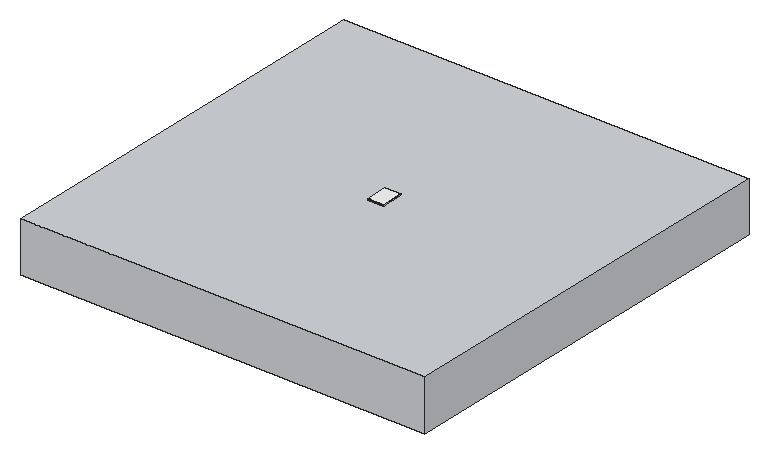
Revit family "Bticino_Hotel_UX_TOUCH_Door_Unit", category Equipement électrique, Revit 2020
Family settings
  Hôte = Face
  Configuration du panneau = Deux colonnes, circuits au sein
  Cote de connecteur circulaire = Utiliser le diamètre
  Type d'élément = Tableau de raccordement
  Couper avec des vides une fois chargée = Non
  Partagée = Non
  Point de calcul de pièce = Non
Parameters
  Web configurator = "https://uxforupscalehotel.legrand.com"
  With room temperature controller = no
  With LED indication = yes
  URL = "http://www.legrandoc.com/FL4651W"
  Type of surface = "Brilliant"
  Supply frequency MIN-MAX ( Hz) = "0-0"
  Storage temperature MIN-MAX (°C) = "-20-70"
  Standby consuption (mA) = 12
  Programming way = "Computer"
  Programmable = yes
  Overall width = 129 mm
  Overall height = 93 mm
  Overall depth = 42 mm
  Other bus systems = "Other"
  Operating / setting temperature MIN-MAX (°C) = "0-40"
  Number of buttons = 2
  Mounting method = "Flush mounted (plaster)"
  Mounting bracket Ref 048779 [instance] = yes
  Model = "FL4651W"
  Material = LEGRAND - White plastic
  built-in parameter 1140140 [instance] = 1 (stored number, unit not read)
  General Conditions of Use = "https://export.legrand.com/en/terms-of-use-BIM-objects"
  Flush mount accessory Ref 048788 [instance] = not(Mounting bracket Ref 048779)  # no
  Fabricant = "Legrand"
  Elévation par défaut = 1300 mm
  Description = "External reader SCS"
  Degree of protection (IP) = "IP20"
  Degree of impact strength (IK) = "IK02"
  built-in parameter 1140142 [instance] = -1
  Command = Lecteur externe SCS : Lecteur externe SCS
  Colour = "White"
  Built-in depth = 30 mm
  built-in parameter 1155100 [instance] = -1
  Addressable = yes
Types (5, lengths in mm): name | URL | Standby consuption (mA) | Model | Material | Description | Command | Colour
  (no name) | "http://www.legrandoc.com/FL4651W" | 12 | "FL4651W" | LEGRAND - White plastic | "External reader SCS" | Lecteur externe SCS : Lecteur externe SCS | "White"
  Corridor Reader Black | "http://www.legrandoc.com/FL4651" | 12 | "FL4651" | LEGRAND - Black plastic | "External reader SCS" | Lecteur externe SCS : Lecteur externe SCS | "Black"
  Corridor Indicator Black | "http://www.legrandoc.com/FL4650" | 8 | "FL4650" | LEGRAND - Black plastic | "external indicator SCS" | Indicateur externe SCS : Indicateur externe SCS | "Black"
  Corridor Reader white | "http://www.legrandoc.com/FL4651W" | 12 | "FL4651W" | LEGRAND - White plastic | "External reader SCS" | Lecteur externe SCS : Lecteur externe SCS | "White"
  Corridor Indicator white | "http://www.legrandoc.com/FL4650W" | 12 | "FL4650W" | LEGRAND - White plastic | "External reader SCS" | Indicateur externe SCS : Indicateur externe SCS | "White"
Reference planes
  plane 1 "Centre (avant/arrière)": y = 0
  plane 2: z = 0
  plane 3 "Centre (gauche/droite)": x = 0
Forms (mm)
  Extrusion 1, solid
    sketch origin (0, 0, 0) x (1, 0, 0) y (0, 1, 0)
      loop
        line (-1219.2, 1219.2) -> (-1219.2, -1219.2) -> (1219.2, -1219.2) -> (1219.2, 1219.2) -> (-1219.2, 1219.2)
    from 0 to -304.8
Dimensions and locks
  aligned and locked: plane 2 to Extrusion 1
  aligned and locked: level to Extrusion 1
Nested families
  nested 1: "TOUCH-Unite de couloir" at (0, 0, 0), type "TOUCH-Unite de couloir"
  nested 2: "Lecteur externe SCS" at (0, 0, 0), type <- "Command", type "Lecteur externe SCS"
Connectors
  electrical at (0, 0, 0)
    settings: on nested 1, index 1, voltage 0 V, apparent load 0 VA, apparent load phase1 0 VA, apparent load phase2 0 VA, apparent load phase3 0 VA, power factor 1, load classification "Autre", number of poles 1, system type 31, power factor state 1, is connector primary yes, connector utility no, sub classification motor no, connector description ""
Definition of nested family "TOUCH-Unite de couloir"
  Parameters (values of type "TOUCH-Unite de couloir")
    Matériau = none
    Default Elevation = 0 mm
  Reference planes
    plane 1 "Centre (avant/arrière)": y = 0
    plane 2: z = 0
    plane 3 "Centre (gauche/droite)": x = 0
    plane 4: z = -5.9
    plane 5: z = -30.9
    plane 6: x = 46.5
    plane 7: x = -46.5
    plane 8: z = 11.5
    plane 9: y = 64.5
    plane 10: y = -64.5
  Forms (mm)
    Extrusion 1, solid, material <- "Matériau"
      sketch origin (0, 0, 0) x (0, -1, 0) y (1, 0, 0)
        loop
          line (-26.5, 26.5) -> (-26.5, -26.5) -> (26.5, -26.5) -> (26.5, 26.5) -> (-26.5, 26.5)
      from -5.9 to 0
    Extrusion 2, solid, material <- "Matériau"
      sketch origin (0, 0, 0) x (0, -1, 0) y (1, 0, 0)
        loop
          line (-16.5, 16.5) -> (-16.5, -16.5) -> (16.5, -16.5) -> (16.5, 16.5) -> (-16.5, 16.5)
      from -30.9 to -5.9
    Extrusion 3, solid, material <- "Matériau"
      sketch origin (0, 0, 0) x (0, -1, 0) y (1, 0, 0)
        loop
          line (-64.5, 46.5) -> (-64.5, -46.5) -> (64.5, -46.5) -> (64.5, 46.5) -> (-64.5, 46.5)
      from 0 to 11.5
    Sweep 4, void
      path origin (0, 0, 0) x (0, -1, 0) y (1, 0, 0)
        loop
          line (-64.5, 46.5) -> (-64.5, -46.5) -> (64.5, -46.5) -> (64.5, 46.5) -> (-64.5, 46.5)
      profile origin (46.5, 0, 0) x (1, 0, 0) y (0, 0, 1)
        loop
          arc (0, 11.5) -> (-1.004, 5.704) -> (-4.308, 0.837) r 13.947
          arc (-4.308, 0.837) -> (-5.255, 0.224) -> (-6.36, 0) r 3.03
          line (-6.36, 0) -> (-6.36, -5) -> (1.64, -5) -> (1.64, 11.5) -> (0, 11.5)
  Cuts and joins
    joined: Extrusion 1, Extrusion 2
    Sweep 4 cuts Extrusion 3
  Dimensions and locks
    plane 7 to plane 6 = 93 mm  (x2)
    plane 5 to plane 4 to plane 2 = 25 mm, 5.9 mm
    plane 2 to plane 8 = 11.5 mm
    plane 8 to plane 2 = 11.5 mm
    plane 10 to plane 9 = 129 mm  (x2)
    plane 5 to plane 8 = 42.4 mm
    aligned and locked: level to plane 2
Definition of nested family "Lecteur externe SCS"
  Parameters (values of type "Lecteur externe SCS")
    Matériau = none
    built-in parameter 1140140 [instance] = 1 (stored number, unit not read)
    Default Elevation = 0 mm
    built-in parameter 1140142 [instance] = -1
    built-in parameter 1155100 [instance] = -1
  Reference planes
    plane 1 "Centre (avant/arrière)": y = 0
    plane 2: z = 0
    plane 3 "Centre (gauche/droite)": x = 0
    plane 4: z = 11.5
    plane 5: x = -46.5
    plane 6: x = 46.5
    plane 7: y = 64.5
    plane 8: y = -64.5
  Lines and regions (mm)
    model lines, not visible
      curve 1: arc (-22.501, 17.5, 0) -> (-24.501, 18.5, 0) -> (-26.501, 17.5, 0) r 2.5
      curve 2: arc (1.5, -43.752, 0) -> (0, -42.704, 0) -> (-1.5, -43.752, 0) r 1.597
      curve 3: arc (-0.5, -48.255, 0) -> (0, -48.765, 0) -> (0.5, -48.255, 0) r 0.5
      curve 4: arc (-20.35, 14.5, 0) -> (-21.155, 13.926, 0) -> (-21.501, 13, 0) r 1.69
      curve 5: arc (-18.999, 13, 0) -> (-19.345, 13.926, 0) -> (-20.15, 14.5, 0) r 1.69
      curve 6: circle (0, 15.5, 0) r 4.251 normal (0, 0, 1)
      curve 7: arc (1.5, 17.251, 0) -> (0, 18.299, 0) -> (-1.5, 17.251, 0) r 1.597
      curve 8: arc (-0.5, 12.749, 0) -> (0, 12.238, 0) -> (0.5, 12.749, 0) r 0.5
      curve 9: line (1.5, -43.752, 0) -> (2, -48.255, 0)
      curve 10: line (2, -48.255, 0) -> (-2, -48.255, 0)
      curve 11: line (-2, -48.255, 0) -> (-1.5, -43.752, 0)
      curve 12: line (-21.501, 13, 0) -> (-21.501, 10.5, 0)
      curve 13: line (-21.501, 10.5, 0) -> (-18.999, 10.5, 0)
      curve 14: line (-18.999, 10.5, 0) -> (-18.999, 13, 0)
      curve 15: line (-20.15, 14.5, 0) -> (-20.15, 20.5, 0)
      curve 16: line (-20.15, 20.5, 0) -> (-20.35, 20.5, 0)
      curve 17: line (-20.35, 20.5, 0) -> (-20.35, 14.5, 0)
      curve 18: line (-21.501, 17.5, 0) -> (-27.501, 17.5, 0)
      curve 19: line (-27.501, 17.5, 0) -> (-26.001, 10.5, 0)
      curve 20: line (-26.001, 10.5, 0) -> (-23.001, 10.5, 0)
      curve 21: line (-23.001, 10.5, 0) -> (-21.501, 17.5, 0)
      curve 22: line (3.834, -41.9, 0) -> (2.774, -42.961, 0)
      curve 23: line (0, -40.235, 0) -> (0, -41.735, 0)
      curve 24: line (3.742, -45.735, 0) -> (5.242, -45.735, 0)
      curve 25: line (3, 18.512, 0) -> (-3, 12.488, 0)
      curve 26: line (-1.5, 17.251, 0) -> (-2, 12.749, 0)
      curve 27: line (-2, 12.749, 0) -> (2, 12.749, 0)
      curve 28: line (2, 12.749, 0) -> (1.5, 17.251, 0)
      curve 29: line (-3.742, -45.735, 0) -> (-5.242, -45.735, 0)
      curve 30: line (-3.834, -41.9, 0) -> (-2.774, -42.961, 0)
      curve 31: circle (0, -14.5, 0) r 2 normal (0, 0, 1)
      curve 32: arc (3, -18.514, 0) -> (4.998, -14.532, 0) -> (3, -10.55, 0) r 4.968
      curve 33: arc (4.998, -19.401, 0) -> (7, -14.5, 0) -> (4.998, -9.599, 0) r 7
      curve 34: arc (-3, -10.55, 0) -> (-4.998, -14.532, 0) -> (-3, -18.514, 0) r 4.968
      curve 35: arc (-4.998, -9.599, 0) -> (-7, -14.5, 0) -> (-4.998, -19.401, 0) r 7
    model lines
      curve 36: arc (-22.501, 17.5, 11.5) -> (-24.501, 18.5, 11.5) -> (-26.501, 17.5, 11.5) r 2.5
      curve 37: arc (1.5, -43.752, 11.5) -> (0, -42.704, 11.5) -> (-1.5, -43.752, 11.5) r 1.597
      curve 38: arc (-0.5, -48.255, 11.5) -> (0, -48.765, 11.5) -> (0.5, -48.255, 11.5) r 0.5
      curve 39: arc (-20.35, 14.5, 11.5) -> (-21.155, 13.926, 11.5) -> (-21.501, 13, 11.5) r 1.69
      curve 40: arc (-18.999, 13, 11.5) -> (-19.345, 13.926, 11.5) -> (-20.15, 14.5, 11.5) r 1.69
      curve 41: circle (0, 15.5, 11.5) r 4.251 normal (0, 0, 1)
      curve 42: arc (1.5, 17.251, 11.5) -> (0, 18.299, 11.5) -> (-1.5, 17.251, 11.5) r 1.597
      curve 43: arc (-0.5, 12.749, 11.5) -> (0, 12.238, 11.5) -> (0.5, 12.749, 11.5) r 0.5
      curve 44: line (1.5, -43.752, 11.5) -> (2, -48.255, 11.5)
      curve 45: line (2, -48.255, 11.5) -> (-2, -48.255, 11.5)
      curve 46: line (-2, -48.255, 11.5) -> (-1.5, -43.752, 11.5)
      curve 47: line (-21.501, 13, 11.5) -> (-21.501, 10.5, 11.5)
      curve 48: line (-21.501, 10.5, 11.5) -> (-18.999, 10.5, 11.5)
      curve 49: line (-18.999, 10.5, 11.5) -> (-18.999, 13, 11.5)
      curve 50: line (-20.15, 14.5, 11.5) -> (-20.15, 20.5, 11.5)
      curve 51: line (-20.15, 20.5, 11.5) -> (-20.35, 20.5, 11.5)
      curve 52: line (-20.35, 20.5, 11.5) -> (-20.35, 14.5, 11.5)
      curve 53: line (-21.501, 17.5, 11.5) -> (-27.501, 17.5, 11.5)
      curve 54: line (-27.501, 17.5, 11.5) -> (-26.001, 10.5, 11.5)
      curve 55: line (-26.001, 10.5, 11.5) -> (-23.001, 10.5, 11.5)
      curve 56: line (-23.001, 10.5, 11.5) -> (-21.501, 17.5, 11.5)
      curve 57: line (3.834, -41.9, 11.5) -> (2.774, -42.961, 11.5)
      curve 58: line (0, -40.235, 11.5) -> (0, -41.735, 11.5)
      curve 59: line (3.742, -45.735, 11.5) -> (5.242, -45.735, 11.5)
      curve 60: line (3, 18.512, 11.5) -> (-3, 12.488, 11.5)
      curve 61: line (-1.5, 17.251, 11.5) -> (-2, 12.749, 11.5)
      curve 62: line (-2, 12.749, 11.5) -> (2, 12.749, 11.5)
      curve 63: line (2, 12.749, 11.5) -> (1.5, 17.251, 11.5)
      curve 64: line (-3.742, -45.735, 11.5) -> (-5.242, -45.735, 11.5)
      curve 65: line (-3.834, -41.9, 11.5) -> (-2.774, -42.961, 11.5)
      curve 66: circle (0, -14.5, 11.5) r 2 normal (0, 0, 1)
      curve 67: arc (3, -18.514, 11.5) -> (4.998, -14.532, 11.5) -> (3, -10.55, 11.5) r 4.968
      curve 68: arc (4.998, -19.401, 11.5) -> (7, -14.5, 11.5) -> (4.998, -9.599, 11.5) r 7
      curve 69: arc (-3, -10.55, 11.5) -> (-4.998, -14.532, 11.5) -> (-3, -18.514, 11.5) r 4.968
      curve 70: arc (-4.998, -9.599, 11.5) -> (-7, -14.5, 11.5) -> (-4.998, -19.401, 11.5) r 7
  Dimensions and locks
    plane 5 to plane 6 = 93 mm
    plane 8 to plane 7 = 129 mm
    plane 5 to plane 3 "Centre (gauche/droite)" = 46.5 mm
    plane 1 "Centre (avant/arrière)" to plane 7 = 64.5 mm
    aligned and locked: level to plane 2
